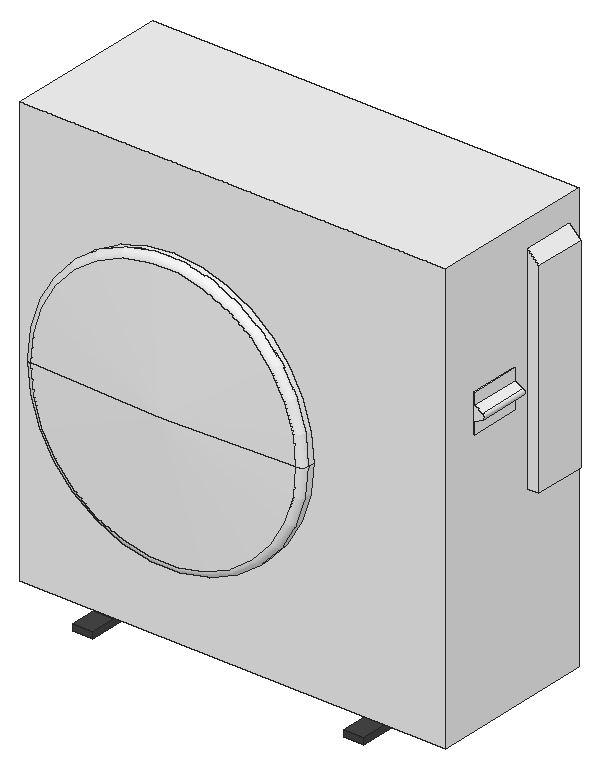
Revit family "NBS_GrantEngineeringUKLtd_AirToWtrHeatPmps_Aerona3_R32AirSourceHeatPump_10kW", category Mechanical Equipment, Revit 2018
Family settings
  Round Connector Dimension = Use Diameter
  Classification = None
  Part Type = Normal
  Work Plane-Based = No
  Always vertical = Yes
  Cut with Voids When Loaded = No
  Shared = No
  Room Calculation Point = No
Parameters (values of type "HPID10R32-10kW")
  WarrantyStartDate [instance] = "1900-12-31T23:59:59"
  WarrantyGuarantorParts = "n/a"
  WarrantyGuarantorLabor = "n/a"
  WarrantyDurationUnit = "year"
  WarrantyDurationParts = "n/a"
  WarrantyDurationLabor = "n/a"
  WarrantyDescription = "Up to 7 year guarantee"
  Version = "1"  # constant formula
  Uniclass2015Version = "Products v1.16"
  Uniclass2015Title = "Air to water heat pumps"
  Uniclass2015Code = "Pr_70_60_37_04"
  TotalWidth = 874 mm  # constant formula
  TotalHeight = 882 mm  # constant formula
  TotalDepth = 405 mm  # constant formula
  TagNumber [instance] = "n/a"
  SustainabilityPerformance = "ErP rating A+++"
  Status = "UNSET"
  SoundPowerLevel = "64 dB"
  Size = "405 x 882 x 874 mm"
  Shape = "n/a"
  SerialNumber [instance] = "n/a"
  Revision = "n/a"
  ReplacementCost = "n/a"
  Reference = "n/a"
  RatedVoltage = "n/a"
  RatedCurrent = "10 kW output"
  ProductInformation = "https://www.grantuk.com/product-list/air-source-heat-pumps/r32/"
  PowerSupply = "~230V 1ph 50Hz"
  PowerFactor = 0
  PackedWeight = "71.8 kg"
  OperatingTemperature = "-20/43°C"
  NumberOfPoles = 0
  NominalWidth = 874 mm
  NominalPowerConsumption = 0
  NominalLength = 0 mm
  NominalHeight = 882 mm
  NominalHeatRejectionRate = 0
  NominalFrequencyRange = "n/a"
  NominalEvaporatingTemperature = 0
  NominalEfficiency = 0
  NominalCondensingTemperature = 0
  NominalCapacity = 0.00 m³
  Name = "AirToWaterHeatPumps_Aerona3_R32AirSourceHeatPump_10kW_GrantEngineeringUKLtd"
  NBSReference = "90-40-40/320"
  NBSDescription = "Air-to-water heat pumps"
  NBSCertification = "www.nationalbimlibrary.com/cert/jrfhncxg"
  ModelReference = "Aerona3_R32AirSourceHeatPump_10kW"
  ModelNumber = "HPID10R32"
  Material = "galvanised mild steel (painted)"
  ManufacturerURL = "www.grantuk.com"
  ManufacturerName = "Grant Engineering (UK) Ltd"  # constant formula
  Manufacturer = "info@grantuk.com"
  InsulationStandardClass = "n/a"
  InstallationDate [instance] = "1900-12-31T23:59:59"
  InputPower = "2.10 kW"
  IfcExportType = "HEATRECOVERY"  # constant formula
  IfcExportAs = "IfcChillerType"  # constant formula
  IP_Code = "n/a"
  IK_Code = "n/a"
  HeatingOutput = "5.22 (SCOP BS EN 14511 air 7°C/ water 35°C)"
  HeatingCapacity = 11.1
  HeatPumpType = "Air to water monobloc"
  HeatPumpMaterial = NBS_GrantEngineeringUKLtd_White
  HeatPumpLegMaterial = NBS_GrantEngineeringUKLtd_Black
  HasProtectiveEarth = no
  Grade = "n/a"
  FullLoadRatioCurve = "n/a"
  Finish = "n/a"
  Features = "Quiet in operation, in built weather compensation, base tray heating operation, compact footprint, improved efficiency and performance"
  FanType = "propellor, high efficiency DC fan motor"
  FanGrillMaterial = NBS_GrantEngineeringUKLtd_White
  ExpectedLife = "15+"
  EmptyWeight = "70 kg"
  DurationUnit = "year"
  Description = "Inverter driven air source heat pump"
  Depth = 0 mm
  Constituents = "n/a"
  ConductorFunction = "n/a"
  Color = "n/a"
  CoefficientOfPerformanceCurve = "n/a"
  CodePerformance = "BS EN 14511, BS EN ISO 3743-1:2010"
  ClearanceZone [instance] = no
  Category = "Pr_70_60_37_04:Air to water heat pumps"
  CapacityCurve = "n/a"
  BarCode [instance] = "n/a"
  BIMObjectName = "NBS_GrantEngineeringUKLtd_AirToWaterHeatPumps_Aerona3_R32AirSourceHeatPump_10kW"
  Author = "NBS"  # constant formula
  AssetType = "Fixed"
  AssetIdentifier [instance] = "n/a"
  AccessibilityPerformance = "n/a"
Reference planes
  plane 1 "Center (Front/Back)": y = 0
  plane 2 "Bottom": z = 0
  plane 3 "Center (Left/Right)": x = 0
  plane 4 "Back": y = 202.5
  plane 5 "Front": y = -202.5
  plane 6 "Top": z = 882
  plane 7: x = -425
  plane 8: x = 425
  plane 9: x = 290
  plane 10: x = 250
  plane 11: x = -250
  plane 12: x = -290
  plane 13: x = -270
  plane 14: x = 270
  plane 15: y = -165.5
  plane 16: y = 164.5
  plane 17: z = 19.571
  plane 18: z = 25
  plane 19: x = -396.018
  plane 20: x = 160.658
  plane 21: z = 441
  plane 22 "Right": x = 449
  plane 23 "Left": x = -449
  plane 24: y = 40.072
  plane 25: y = -50
  plane 26: y = 139.5
  plane 27: y = 35
  plane 28: y = -5
  plane 29: y = -90
  plane 30: x = 355
  plane 31: x = 280
  plane 32: z = 173
  plane 33: z = 653
  plane 34: z = 401
  plane 35: y = 87.25
  plane 36: y = -802.5
  plane 37: x = 1049
  plane 38: y = 502.5
  plane 39: x = -549
  plane 40: z = 1182
Forms (mm)
  Extrusion 1, solid, material "NBS_GrantEngineeringUKLtd_White" <- "HeatPumpMaterial"
    sketch origin (0, 0, 0) x (1, 0, 0) y (0, 1, 0)
      loop
        line (-425, 164.5) -> (-425, -165.5) -> (425, -165.5) -> (425, 164.5) -> (-425, 164.5)
    from 25 to 882
  Extrusion 2, solid, material "NBS_GrantEngineeringUKLtd_Black" <- "HeatPumpLegMaterial"
    sketch origin (16.5, -238.824, 0) x (0, 1, 0) y (0, 0, 1)
      loop
        line (441.324, 0) -> (441.324, 12.5) -> (388.824, 12.5) -> (381.753, 19.571) -> (95.895, 19.571) -> (88.824, 12.5) -> (36.324, 12.5) -> (36.324, 0) -> (441.324, 0)
    from 233.5 to 273.5
  Extrusion 3, solid, material "NBS_GrantEngineeringUKLtd_Black" <- "HeatPumpLegMaterial"
    sketch origin (-523.5, -238.824, 0) x (0, 1, 0) y (0, 0, 1)
      loop
        line (441.324, 0) -> (441.324, 12.5) -> (388.824, 12.5) -> (381.753, 19.571) -> (95.895, 19.571) -> (88.824, 12.5) -> (36.324, 12.5) -> (36.324, 0) -> (441.324, 0)
    from 233.5 to 273.5
  Extrusion 4, solid, material "NBS_GrantEngineeringUKLtd_Black" <- "HeatPumpLegMaterial"
    sketch origin (16.5, -238.824, 0) x (0, 1, 0) y (0, 0, 1)
      loop
        line (378.824, 25) -> (98.824, 25) -> (104.253, 19.571) -> (373.395, 19.571) -> (378.824, 25)
    from 233.5 to 273.5
  Extrusion 5, solid, material "NBS_GrantEngineeringUKLtd_Black" <- "HeatPumpLegMaterial"
    sketch origin (-523.5, -238.824, 0) x (0, 1, 0) y (0, 0, 1)
      loop
        line (378.824, 25) -> (98.824, 25) -> (104.253, 19.571) -> (373.395, 19.571) -> (378.824, 25)
    from 233.5 to 273.5
  Revolve 6, solid, material "NBS_GrantEngineeringUKLtd_White" <- "FanGrillMaterial", detail levels medium+fine
    sketch origin (-1351.99, -1524, 441) x (-1, 0, 0) y (0, -1, 0)
      loop
        line (-955.973, -1358.5) -> (-955.973, -1347.001)
        arc (-955.973, -1347.001) -> (-959.883, -1336.9) -> (-969.575, -1332.066) r 15
        arc (-969.575, -1332.066) -> (-1101.803, -1323.317) -> (-1234.31, -1321.776) r 2434.35
        line (-1234.31, -1321.776) -> (-1234.31, -1358.5) -> (-955.973, -1358.5)
      axis (-1234.31, -1358.5) -> (-1234.31, -1321.776)
    angle from 0 to 360
  Extrusion 7, solid, material "NBS_GrantEngineeringUKLtd_White" <- "HeatPumpMaterial", detail levels fine
    sketch origin (0, 0, 0) x (1, 0, 0) y (0, 0, 1)
      loop
        circle (355, 173) r 20
      loop
        circle (280, 653) r 20
    from -202.5 to -164.5
  Extrusion 8, solid, material "NBS_GrantEngineeringUKLtd_White" <- "HeatPumpMaterial", detail levels fine
    sketch origin (-63, 0, -550.922) x (1, 0, 0) y (0, 0, 1)
      loop
        line (488, 1381.399) -> (488, 951.922) -> (512, 951.922) -> (512, 1357.399) -> (488, 1381.399)
    from -139.5 to -35
  Extrusion 9, solid, material "NBS_GrantEngineeringUKLtd_White" <- "HeatPumpMaterial", detail levels fine
    sketch origin (-63, 0, -123.335) x (1, 0, 0) y (0, 0, 1)
      loop
        line (488, 756.607) -> (488, 681.502) -> (493, 681.502) -> (493, 703.954) -> (508.806, 713.831)
        arc (508.806, 713.831) -> (511.881, 719.376) -> (508.806, 724.922) r 6.54
        line (508.806, 724.922) -> (493.031, 734.78) -> (493.031, 756.607) -> (488, 756.607)
    from 0 to 100
  Extrusion 10, solid, material "NBS_GrantEngineeringUKLtd_White" <- "HeatPumpMaterial", detail levels fine
    sketch origin (63, 0, -167.085) x (-1, 0, 0) y (0, 0, -1)
      loop
        line (488, -756.607) -> (493.031, -756.607) -> (493.031, -734.78) -> (508.806, -724.922)
        arc (508.806, -724.922) -> (511.881, -719.376) -> (508.806, -713.831) r 6.54
        line (508.806, -713.831) -> (493, -703.954) -> (493, -681.502) -> (488, -681.502) -> (488, -756.607)
    from -40.072 to 50
  Extrusion 11, solid, material "NBS_ClearanceZone", visible <- "ClearanceZone"
    sketch origin (0, 0, 0) x (1, 0, 0) y (0, 1, 0)
      loop
        line (1049, -802.5) -> (1049, 502.5) -> (-549, 502.5) -> (-549, -802.5) -> (1049, -802.5)
    from 0 to 1182
Lines and regions (mm)
  reference lines
    curve 1: line (355, 202.5, 173) -> (355, 127.5, 173)
    curve 2: line (280, 202.5, 653) -> (280, 139.5, 653)
    curve 3: line (437, 87.25, 401) -> (437, 87.25, 451)
Dimensions and locks
  "TotalDepth": plane 5 "Front" to plane 4 "Back"
  "TotalHeight": plane 6 "Top" to plane 2 "Bottom"
  equal spacing: plane 19, Revolve 6 sketch curve, plane 20
  locked: plane 19 to plane 20 at 556.675
  locked: plane 15 to plane 16 at 330
  "TotalWidth": plane 7 to plane 22 "Right"
  locked: plane 23 "Left" to plane 7 at 24
  locked: plane 2 "Bottom" to plane 32 at 173
  locked: plane 32 to plane 33 at 480
  plane 8 to plane 30 to plane 31 = 70 mm locked, 75 mm locked
  locked: level to plane 40 at 1182
  aligned and locked: level to plane 2 "Bottom"
  aligned and locked: Extrusion 1 sketch curve to plane 8
  aligned and locked: plane 7 to Extrusion 1 sketch curve
  aligned and locked: plane 6 "Top" to Extrusion 1
  aligned and locked: Extrusion 2 to plane 10
  aligned and locked: Extrusion 2 to plane 9
  aligned and locked: Extrusion 3 to plane 12
  aligned and locked: Extrusion 3 to plane 11
  aligned and locked: Extrusion 4 to plane 10
  aligned and locked: Extrusion 4 to plane 9
  aligned and locked: Extrusion 5 to plane 12
  aligned and locked: Extrusion 5 to plane 11
  aligned and locked: plane 4 "Back" to Extrusion 3 sketch curve
  aligned and locked: plane 5 "Front" to Extrusion 3 sketch curve
  aligned and locked: Extrusion 3 sketch curve to plane 2 "Bottom"
  aligned and locked: plane 17 to Extrusion 3 sketch curve
  aligned and locked: plane 17 to Extrusion 5 sketch curve
  aligned and locked: plane 18 to Extrusion 5 sketch curve
  aligned and locked: Extrusion 2 sketch curve to plane 4 "Back"
  aligned and locked: Extrusion 2 sketch curve to plane 17
  aligned and locked: plane 2 "Bottom" to Extrusion 2 sketch curve
  aligned and locked: Extrusion 2 sketch curve to plane 5 "Front"
  aligned and locked: Extrusion 4 sketch curve to plane 18
  aligned and locked: Extrusion 4 sketch curve to plane 17
  aligned and locked: plane 16 to Extrusion 1 sketch curve
  aligned and locked: Extrusion 1 sketch curve to plane 15
  aligned and locked: plane 18 to Extrusion 1
  aligned and locked: plane 15 to Revolve 6 sketch curve
  aligned and locked: Revolve 6 sketch curve to plane 19
  aligned and locked: plane 30 to Extrusion 7 sketch curve
  aligned and locked: plane 32 to Extrusion 7 sketch curve
  aligned and locked: plane 16 to Extrusion 7
  aligned and locked: Extrusion 7 to plane 4 "Back"
  aligned and locked: plane 31 to Extrusion 7 sketch curve
  aligned and locked: plane 33 to Extrusion 7 sketch curve
  aligned and locked: plane 8 to Extrusion 8 sketch curve
  aligned and locked: Extrusion 8 sketch curve to plane 22 "Right"
  aligned and locked: plane 34 to Extrusion 8 sketch curve
  aligned and locked: plane 26 to Extrusion 8
  aligned and locked: Extrusion 8 to plane 27
  aligned and locked: Extrusion 10 to plane 24
  aligned and locked: Extrusion 10 to plane 25
  aligned and locked: plane 30 to curve 1
  aligned and locked: plane 31 to curve 2
  aligned and locked: Extrusion 11 sketch curve to plane 36
  aligned and locked: Extrusion 11 sketch curve to plane 37
  aligned and locked: plane 38 to Extrusion 11 sketch curve
  aligned and locked: plane 39 to Extrusion 11 sketch curve
  aligned and locked: Extrusion 11 to plane 2 "Bottom"
  aligned and locked: plane 40 to Extrusion 11
Automatic sketch dimensions
  plane 17 to Extrusion 2 sketch curve = 7.071 mm  (x2)
  Extrusion 2 sketch curve to plane 15 = 15.5 mm
  Extrusion 2 sketch curve to Extrusion 2 sketch curve = 7.071 mm  (x2)
  plane 26 to Extrusion 2 sketch curve = 3.429 mm
  plane 17 to Extrusion 3 sketch curve = 7.071 mm  (x2)
  Extrusion 3 sketch curve to plane 15 = 15.5 mm
  Extrusion 3 sketch curve to Extrusion 3 sketch curve = 7.071 mm  (x2)
  plane 26 to Extrusion 3 sketch curve = 3.429 mm
  Extrusion 4 sketch curve to plane 15 = 25.5 mm
  Extrusion 4 sketch curve to Extrusion 4 sketch curve = 5.429 mm
  Extrusion 4 sketch curve to plane 26 = 4.929 mm
  plane 26 to Extrusion 4 sketch curve = 0.5 mm
  Extrusion 5 sketch curve to plane 15 = 25.5 mm
  Extrusion 5 sketch curve to Extrusion 5 sketch curve = 5.429 mm
  Extrusion 5 sketch curve to plane 26 = 4.929 mm
  plane 26 to Extrusion 5 sketch curve = 0.5 mm
  plane 15 to Revolve 6 sketch curve = 0 mm
  Revolve 6 sketch curve to plane 11 = 94.364 mm
  Revolve 6 sketch curve to Revolve 6 sketch curve = 15 mm
  Revolve 6 sketch curve to plane 4 "Back" = 2029.329 mm
  Revolve 6 sketch curve to Revolve 6 sketch curve = 11.499 mm
  Revolve 6 sketch curve to plane 5 "Front" = 0.276 mm
  Revolve 6 sketch curve to Revolve 6 sketch curve = 0 mm
  plane 5 "Front" to Revolve 6 sketch curve = 28 mm
  Extrusion 8 sketch curve to plane 6 "Top" = 75.523 mm
  Extrusion 8 sketch curve to Extrusion 8 sketch curve = 24 mm
  Extrusion 9 sketch curve to plane 8 = 0 mm
  plane 8 to Extrusion 9 sketch curve = 5 mm
  plane 8 to Extrusion 9 sketch curve = 5.031 mm
  Extrusion 9 sketch curve to plane 22 "Right" = 6.659 mm
  Extrusion 9 sketch curve to plane 22 "Right" = 3.194 mm  (x2)
  Extrusion 9 sketch curve to plane 33 = 94.833 mm
  Extrusion 9 sketch curve to Extrusion 9 sketch curve = 22.451 mm
  Extrusion 9 sketch curve to Extrusion 9 sketch curve = 9.877 mm
  Extrusion 9 sketch curve to Extrusion 9 sketch curve = 5.546 mm
  Extrusion 9 sketch curve to Extrusion 9 sketch curve = 9.857 mm
  Extrusion 9 sketch curve to plane 33 = 19.728 mm
  Extrusion 10 sketch curve to plane 7 = 0 mm
  Extrusion 10 sketch curve to plane 7 = 5 mm
  Extrusion 10 sketch curve to plane 7 = 5.031 mm
  plane 23 "Left" to Extrusion 10 sketch curve = 6.659 mm
  plane 23 "Left" to Extrusion 10 sketch curve = 3.194 mm  (x2)
  Extrusion 10 sketch curve to plane 33 = 63.478 mm
  Extrusion 10 sketch curve to Extrusion 10 sketch curve = 21.827 mm
  Extrusion 10 sketch curve to Extrusion 10 sketch curve = 9.857 mm
  Extrusion 10 sketch curve to Extrusion 10 sketch curve = 5.546 mm
  Extrusion 10 sketch curve to Extrusion 10 sketch curve = 9.877 mm
  Extrusion 10 sketch curve to Extrusion 10 sketch curve = 22.451 mm
  plane 4 "Back" to curve 1 = 0 mm
  curve 1 to plane 26 = 12 mm
  curve 2 to plane 26 = 0 mm
  plane 4 "Back" to curve 2 = 0 mm
  curve 3 to plane 34 = 0 mm
  plane 8 to curve 3 = 12 mm
  plane 21 to curve 3 = 10 mm
  radius of Extrusion 7 sketch curve = 20 mm  (x2)
Connectors
  piping at (355, 202.5, 173), diameter 25
    settings: on curve 1, index 1, connector inside diameter 609.6 mm, connector length 0 mm, flow factor 0, pipe flow 0.0 L/s, pressure drop 0.0 Pa, fitting loss kfactor 0, connector angle 0.00°, fixture units 0, engagement length 0 mm, angle of deflection 0.00°, flow configuration 0, flow direction 1, fitting loss method 0, system type 8, joint type 0, gender type 0, connector reference index -1, connector utility 0, adjustable connector no, is connector primary yes, connector description "Circulating water return port"
  piping at (280, 202.5, 653), diameter 25
    settings: on curve 2, index 2, connector inside diameter 609.6 mm, connector length 0 mm, flow factor 0, pipe flow 0.0 L/s, pressure drop 0.0 Pa, fitting loss kfactor 0, connector angle 0.00°, fixture units 0, engagement length 0 mm, angle of deflection 0.00°, flow configuration 0, flow direction 2, fitting loss method 0, system type 7, joint type 0, gender type 0, connector reference index -1, connector utility 0, adjustable connector no, is connector primary no, connector description "Circulating water outgoing port"
  electrical at (437, 87.25, 401)
    settings: on curve 3, index 3, voltage 0 V, apparent load 0 VA, apparent load phase1 0 VA, apparent load phase2 0 VA, apparent load phase3 0 VA, power factor 1, load classification "Other", number of poles 1, system type 30, power factor state 1, is connector primary yes, connector utility no, sub classification motor no, connector description ""
